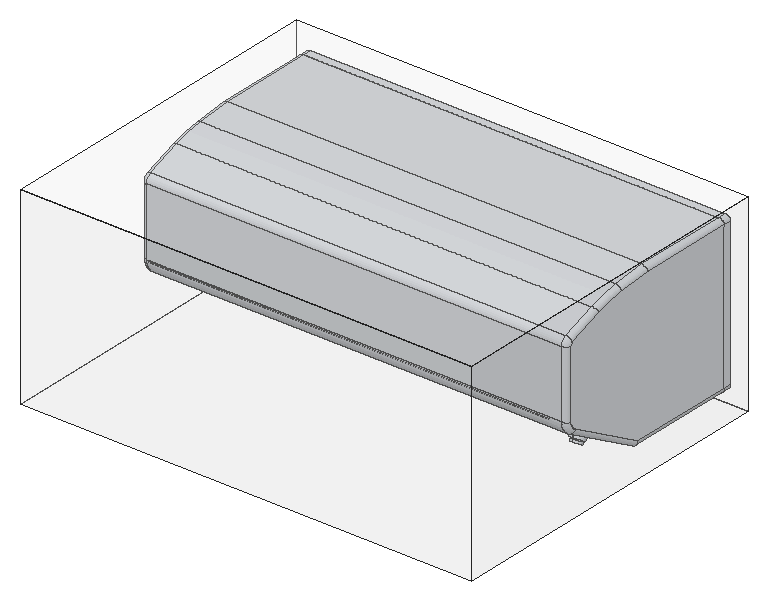
Revit family "msz-hxv25_8023sin", category 機械設備, Revit 2019
Family settings
  丸型コネクタ寸法 = 直径を使用
  種別 = なし
  パーツ タイプ = 標準
  OmniClass 番号 = 23.75.10.24.21.27.27
  OmniClass タイトル = Split System Air Conditioning Units
  作業面ベース = いいえ
  常に垂直 = はい
  ロード時にボイドで切り取り = いいえ
  共有 = いいえ
  部屋計算ポイント = はい
Parameters (values of type "MSZ-HXV2523-W-IN")
  運転音(静冷房)  db = 34
  運転音(静暖房)  db = 39
  運転音(強暖房)  db = 62
  運転音(強冷房)  db = 61
  運転音(弱暖房)  db = 45
  運転音(弱冷房)  db = 46
  運転音(中暖房)  db = 50
  運転音(中冷房)  db = 51
  風量 = MAX風量  # 780.0 m³/h
  音響パワーレベル(dB) = 61
  音響パワーレベル (弱) (dB) = 34
  電源種別 = ""
  電圧_電気ヒーター = 0 V
  電圧 = 100 V
  電動機出力_送風機 = 28 W
  運転質量 = 0.00 kg
  運転方法 = "冷暖切替"
  連動 = ""
  質量 = if(製品質量 > 運転質量, 製品質量, 運転質量) * 1.2  # 20.40 kg
  負荷分類 = 1_熱源類
  設計暖房能力 [instance] = 0 kW
  設計冷房能力_顕熱 [instance] = 0 kW
  設計冷房能力 [instance] = 0 kW
  設置方法 = "壁掛形"
  記号 [instance] = ""
  製造元 = "三菱電機株式会社"
  製品質量 = 17.00 kg
  製品出荷対象 = "国内"
  製品リリース年月 = ""
  製品グループ = ""
  系統 [instance] = ""
  符号 = "PAC"
  積算_科目 = "1 空気調和設備"
  積算_拾い区分 [instance] = ""
  相_電気ヒーター = 1
  相 = 1
  盤記号 [instance] = ""
  発停方法 = "付属スイッチ"
  特殊仕様 [instance] = ""
  火災停止 = ""
  消費電力_電気ヒーター = 0 W
  消費電力_暖房 = 590 W
  消費電力_冷房 = 500 W
  消費電力 = if(消費電力_冷房 > 消費電力_暖房, 消費電力_冷房, 消費電力_暖房)  # 590 W
  法定耐用年数 = "6"
  極数 = 1
  材質 [instance] = ""
  本体マテリアル = none
  有効加湿量 = 0
  最大電流値 = 0 A
  暖房能力 = 3.2 kW
  暖房 風量 = 780.0 m³/h
  推奨ブレーカー容量 = 0 A
  形式_加湿器 = ""
  形式 = "壁掛 (露出)形"
  幹線記号 = ""
  室内機 = 室内機 : MSZ-HXV2522-W-IN
  始動方式 = "直入"
  呼称 = "パッケージ形空気調和機_室内機"
  周波数 = 50 Hz
  台数_手元リモコン = ""
  台数_冷媒分岐ユニット [instance] = ""
  参照している仕様書等のバージョン = "公共建築工事標準仕様書（機械設備工事編）平成31年度版"
  加湿給水管径 = 0 mm
  分類コード = "50053003123070"
  分類グループ = ""
  冷房能力 = 2.5 kW
  冷房 風量 = 665.0 m³/h
  冷媒高低圧ガス管径 = 0 mm
  冷媒管長 [instance] = 0 mm
  冷媒管径符号 = "Ab"
  冷媒管径 = 100 mm
  冷媒液管径 = 6.35 mm
  冷媒ガス管径 = 9.52 mm
  価格 = 0
  企業コード = "108420"
  付属品 [instance] = ""
  仕様書バージョン = "Version1.0"
  モデル = "MSZ-HXV25**-*-IN"
  ドレン管径 = 16 mm
  サービススペース = yes
  コメント [instance] = ""
  Width = 799 mm
  Version = ""
  Uniclass2015Version = "Systems v1.9"
  Uniclass2015Title = "Split coil remote air cooled condensing units"
  Uniclass2015Code = "Pr_70_65_03_84"
  URL = "https://www.mitsubishielectric.co.jp/ldg/wink/"
  S寸法 = 0 mm
  SpecificationReference = ""
  SpecificationDescription = ""
  Revision = ""
  ProductInformation = ""
  OmniClassCode = "23-33 17 13 11"
  MAX風量 = if(冷房 風量 > 暖房 風量, 冷房 風量, 暖房 風量)  # 780.0 m³/h
  IfcTypeProduct = ""
  IfcProduct = ""
  IfcExportType = "AIRCONDITIONINGUNIT"
  IfcExportAs = "IfcUnitaryEquipmentType"
  Height = 295 mm
  Depth = 385 mm
  Clearance Top = 39 mm
  Clearance Right = 30 mm
  Clearance Left = 20 mm
  Clearance Front = 260 mm
  Clearance Bottom = 28 mm
  Clearance Back = 0 mm
  COP = 0
  Author = "三菱電機株式会社"
  APF = 0
Types (7, lengths in mm): name | 運転音(静冷房)  db | 運転音(静暖房)  db | 運転音(強暖房)  db | 運転音(強冷房)  db | 運転音(弱暖房)  db | 運転音(弱冷房)  db | 運転音(中暖房)  db | 運転音(中冷房)  db | 風量 | 音響パワーレベル(dB) | 音響パワーレベル (弱) (dB) | 電圧 | 電動機出力_送風機 | 質量 | 製品質量 | 発停方法 | 消費電力_暖房 | 消費電力_冷房 | 消費電力 | 暖房能力 | 暖房 風量 | 室内機 | 分類コード | 冷房能力 | 冷房 風量 | 冷媒管径符号 | 冷媒ガス管径 | モデル | MAX風量
  MSZ-HXV2523-W-IN | 34 | 39 | 62 | 61 | 45 | 46 | 50 | 51 | 780.0 m³/h | 61 | 34 | 100 V | 28 W | 20.40 kg | 17.00 kg | "付属スイッチ" | 590 W | 500 W | 590 W | 3.2 kW | 780.0 m³/h | 室内機 : MSZ-HXV2522-W-IN | "50053003123070" | 2.5 kW | 665.0 m³/h | "Ab" | 9.52 | "MSZ-HXV25**-*-IN" | 780.0 m³/h
  MSZ-HXV2823S-W-IN | 34 | 39 | 66 | 63 | 46 | 48 | 52 | 53 | 810.0 m³/h | 63 | 34 | 200 V | 40 W | 20.40 kg | 17.00 kg | "付属スイッチ" | 770 W | 580 W | 770 W | 4 kW | 810.0 m³/h | 室内機 : MSZ-HXV2822S-W-IN | "50053003123070" | 2.8 kW | 665.0 m³/h | "Ab" | 9.52 | "MSZ-HXV28**S-*-IN" | 810.0 m³/h
  MSZ-HXV4023S-W-IN | 40 | 44 | 69 | 67 | 50 | 50 | 55 | 55 | 930.0 m³/h | 67 | 40 | 200 V | 40 W | 22.80 kg | 19.00 kg | "付属スイッチ" | 1430 W | 960 W | 1430 W | 6 kW | 930.0 m³/h | 室内機 : MSZ-HXV4022S-W-IN | "50053003123070" | 4 kW | 730.0 m³/h | "Ab" | 9.52 | "MSZ-HXV40**S-*-IN" | 930.0 m³/h
  MSZ-HXV5623S-W-IN | 44 | 46 | 71 | 68 | 51 | 51 | 56 | 56 | 940.0 m³/h | 68 | 44 | 200 V | 40 W | 22.80 kg | 19.00 kg | "付属スイッチ" | 1700 W | 1720 W | 1720 W | 6.7 kW | 940.0 m³/h | 室内機 : MSZ-HXV5622S-W-IN | "50053003123070" | 5.6 kW | 805.0 m³/h | "Ab" | 9.52 | "MSZ-HXV56**S-*-IN" | 940.0 m³/h
  MSZ-HXV6323S-W-IN | 44 | 47 | 71 | 69 | 52 | 52 | 57 | 57 | 960.0 m³/h | 69 | 44 | 200 V | 40 W | 22.80 kg | 19.00 kg | "付属スイッチ" | 1900 W | 2200 W | 2200 W | 7.1 kW | 960.0 m³/h | 室内機 : MSZ-HXV6322S-W-IN | "50053003123070" | 6.3 kW | 860.0 m³/h | "Ac" | 12.7 | "MSZ-HXV63**S-*-IN" | 960.0 m³/h
  MSZ-HXV7123S-W-IN | 44 | 47 | 72 | 70 | 52 | 52 | 57 | 57 | 1045.0 m³/h | 70 | 44 | 200 V | 40 W | 22.80 kg | 19.00 kg | "付属スイッチ\r\n付属スイッチ" | 2350 W | 2500 W | 2500 W | 8.5 kW | 1045.0 m³/h | 室内機 : MSZ-HXV7122S-W-IN | "50053003123070 \r\n50053003123070 \r\n50053003123070 \r\n50053003123070" | 7.1 kW | 960.0 m³/h | "Ac" | 12.7 | "MSZ-HXV71**S-*-IN" | 1045.0 m³/h
  MSZ-HXV8023S-W-IN | 44 | 47 | 72 | 72 | 52 | 52 | 57 | 57 | 1045.0 m³/h | 72 | 44 | 200 V | 46 W | 22.80 kg | 19.00 kg | "付属スイッチ" | 2680 W | 2920 W | 2920 W | 9.5 kW | 1045.0 m³/h | 室内機 : MSZ-HXV8022S-W-IN | "50053003123070" | 8 kW | 960.0 m³/h | "Ac" | 12.7 | "MSZ-HXV80**S-*-IN" | 1045.0 m³/h
Reference planes
  plane 1 "中心(正面/背面)": y = 0
  plane 2: z = 0
  plane 3 "中心(左/右)": x = 0
  plane 4: y = -650
  plane 5: x = -399.5
  plane 6: x = 399.5
  plane 7: x = 429.5
  plane 8: z = -0.01
  plane 9: z = 38.99
  plane 10: x = -419.5
  plane 11: y = 0
  plane 12: z = -253.01
  plane 13: x = -352.5
  plane 14: z = -323.01
  plane 15: y = -195
  plane 16: y = -390
  plane 17: z = -254.01
  plane 18: x = 352.5
  plane 19: z = -295.01
  plane 20: z = -284.01
  plane 21: z = -273.01
  plane 22: y = -5
  plane 23: z = -285
Forms (mm)
  Extrusion 1, solid, detail levels fine
    sketch origin (-705, 0, 0) x (1, 0, 0) y (0, 0, 1)
      loop
        circle (352.5, -253.01) r 10
    from 5 to 10
  Extrusion 2, solid, detail levels fine
    sketch origin (-705, 0, -30) x (1, 0, 0) y (0, 0, 1)
      loop
        circle (352.5, -243.01) r 5
    from 5 to 10
Lines and regions (mm)
  Masking region 1, detail levels coarse+medium
    outline origin (0, 0, 0) x (1, 0, 0) y (0, 1, 0)
      loop
        line (-399.5, 0) -> (-399.5, -390) -> (399.5, -390) -> (399.5, 0) -> (-399.5, 0)
Dimensions and locks
  equal spacing: plane 5, plane 3 "中心(左/右)", plane 6
  "Clearance Right": plane 6 to plane 7
  "Clearance Front": plane 4 to plane 16
  "Clearance Top": plane 9 to plane 8
  "Width": plane 5 to plane 6
  "Clearance Left": plane 10 to plane 5
  locked: plane 5 to plane 13 at 47
  equal spacing: plane 16, plane 15, plane 1 "中心(正面/背面)"
  "Depth": plane 16 to plane 22
  "Clearance Back": plane 11 to plane 1 "中心(正面/背面)"
  locked: plane 18 to plane 6 at 47
  "Clearance Bottom": plane 19 to plane 14
  "Height": plane 8 to plane 19
  locked: plane 19 to plane 17 at 41
  locked: plane 19 to plane 12 at 42
  plane 5 to plane 10 = 20 mm
  plane 7 to plane 6 = 30 mm
  locked: plane 20 to plane 17 at 30
  locked: plane 21 to plane 12 at 20
  plane 8 to plane 19 = 295 mm
  plane 22 to plane 11 = 5 mm
  plane 4 to plane 16 = 260 mm
  plane 11 to plane 4 = 650 mm
  aligned and locked: level to plane 2
  aligned and locked: level to plane 8
  aligned and locked: plane 10 to nested 1
  aligned and locked: plane 4 to nested 1
  aligned and locked: plane 9 to nested 1
  aligned and locked: plane 14 to nested 1
  aligned and locked: plane 7 to nested 1
  aligned and locked: nested 1 to plane 11
  aligned and locked: plane 5 to Masking region 1 sketch curve
  aligned and locked: Masking region 1 sketch curve to plane 11
  aligned and locked: Masking region 1 sketch curve to plane 6
  aligned and locked: Masking region 1 sketch curve to plane 16
Automatic sketch dimensions
  plane 13 to Extrusion 2 sketch curve = 0 mm
  Extrusion 2 sketch curve to plane 21 = 0 mm
  Extrusion 1 sketch curve to plane 12 = 0 mm
  plane 13 to Extrusion 1 sketch curve = 0 mm
  radius of Extrusion 2 sketch curve = 5 mm
  radius of Extrusion 1 sketch curve = 10 mm
Nested families
  nested 1: "サービススペース" at (5, -325, -142.01), visible <- "サービススペース", type "サービススペース"
    with Width 849 mm, Height 362 mm, Depth 650 mm
  nested 2: "室内機" at (0, 0, -295.023), type <- "室内機", type "MSZ-HXV2522-W-IN", detail levels fine
Connectors
  piping at (-352.5, -5, -253.01), diameter 100, driven by "冷媒管径", driven by "冷媒管径符号"
    settings: on Extrusion 1, index 10, connector inside diameter 609.6 mm, connector length 0 mm, flow factor 0, pipe flow 0.0 L/s, pressure drop 0.0 Pa, fitting loss kfactor 0, connector angle 0.00°, fixture units 0, engagement length 0 mm, angle of deflection 0.00°, flow configuration 1, flow direction 1, fitting loss method 4, system type 7, joint type 0, gender type 0, connector reference index -1, connector utility 0, adjustable connector no, is connector primary yes, connector description "Ab"
  piping at (-352.5, -5, -273.01), diameter 16, driven by "ドレン管径"
    settings: on Extrusion 2, index 11, connector inside diameter 609.6 mm, connector length 0 mm, flow factor 0, pipe flow 0.0 L/s, pressure drop 0.0 Pa, fitting loss kfactor 0, connector angle 0.00°, fixture units 0, engagement length 0 mm, angle of deflection 0.00°, flow configuration 1, flow direction 2, fitting loss method 4, system type 16, joint type 0, gender type 0, connector reference index -1, connector utility 0, adjustable connector no, is connector primary no, connector description ""
  electrical at (0, -5, -147.523), driven by "負荷分類", driven by "電圧", driven by "消費電力"
    settings: on nested 2, index 13, voltage 100 V, apparent load 590 VA, apparent load phase1 0 VA, apparent load phase2 0 VA, apparent load phase3 0 VA, power factor 1, load classification "1_熱源類", number of poles 1, system type 30, power factor state 1, is connector primary yes, connector utility no, sub classification motor no, connector description ""
Definition of nested family "サービススペース"
  Parameters (values of type "サービススペース")
    Width [instance] = 500 mm
    Height [instance] = 500 mm
    Depth [instance] = 500 mm
  Reference planes
    plane 1 "中心(正面/背面)": y = 0
    plane 2: z = 0
    plane 3 "中心(左/右)": x = 0
    plane 4: y = -250
    plane 5: x = 250
    plane 6: y = 250
    plane 7: x = -250
    plane 8: z = 250
    plane 9: z = -250
  Forms (mm)
    Extrusion 1, solid
      sketch origin (-638.939, 0, 72.39) x (1, 0, 0) y (0, 1, 0)
        loop
          line (388.939, 250) -> (388.939, -250) -> (888.939, -250) -> (888.939, 250) -> (388.939, 250)
      from -322.39 to 177.61
  Lines and regions (mm)
    symbolic lines
      curve 1: line (-250, 0, 250) -> (250, 0, 250)
      curve 2: line (-250, 0, -250) -> (-250, 0, 250)
      curve 3: line (250, 0, -250) -> (-250, 0, -250)
      curve 4: line (250, 0, 250) -> (250, 0, -250)
      curve 5: line (0, -250, 250) -> (0, 250, 250)
      curve 6: line (0, -250, -250) -> (0, -250, 250)
      curve 7: line (0, 250, -250) -> (0, -250, -250)
      curve 8: line (0, 250, 250) -> (0, 250, -250)
      curve 9: line (-250, 250, 0) -> (250, 250, 0)
      curve 10: line (-250, -250, 0) -> (-250, 250, 0)
      curve 11: line (250, -250, 0) -> (-250, -250, 0)
      curve 12: line (250, 250, 0) -> (250, -250, 0)
  Dimensions and locks
    equal spacing: plane 7, plane 3 "中心(左/右)", plane 5
    equal spacing: plane 4, plane 1 "中心(正面/背面)", plane 6
    "Depth": plane 4 to plane 6
    "Width": plane 7 to plane 5
    equal spacing: plane 8, plane 2, plane 9
    "Height": plane 8 to plane 9
    aligned and locked: plane 9 to curve 3
    aligned and locked: plane 7 to curve 2
    aligned and locked: curve 4 to plane 5
    aligned and locked: plane 5 to Extrusion 1
    aligned and locked: Extrusion 1 to plane 7
    aligned and locked: Extrusion 1 to plane 9
    aligned and locked: plane 8 to Extrusion 1
    aligned and locked: plane 9 to curve 7
  Automatic sketch dimensions
    plane 4 to Extrusion 1 sketch curve = 0 mm
    Extrusion 1 sketch curve to plane 7 = 0 mm
    Extrusion 1 sketch curve to plane 5 = 0 mm
    plane 6 to Extrusion 1 sketch curve = 0 mm
    curve 2 to plane 8 = 0 mm
    plane 4 to curve 11 = 0 mm
    curve 11 to plane 7 = 0 mm
    curve 11 to plane 5 = 0 mm
    plane 6 to curve 10 = 0 mm
    curve 7 to plane 4 = 0 mm
    curve 7 to plane 6 = 0 mm
    curve 6 to plane 8 = 0 mm
Definition of nested family "室内機"
  Parameters (values of type "MSZ-HXV7122S-T-IN")
    Width = 799 mm
    Height = 295 mm
    Depth = 390 mm
  Types (13): name
    MSZ-HXV2522-W-IN
    MSZ-HXV2822S-W-IN
    MSZ-HXV2822S-T-IN
    MSZ-HXV4022S-W-IN
    MSZ-HXV4022S-T-IN
    MSZ-HXV5622S-W-IN
    MSZ-HXV5622S-T-IN
    MSZ-HXV6322S-W-IN
    MSZ-HXV6322S-T-IN
    MSZ-HXV7122S-W-IN
    MSZ-HXV7122S-T-IN
    MSZ-HXV8022S-T-IN
    MSZ-HXV8022S-W-IN
  Reference planes
    plane 1 "中心(正面/背面)": y = 0
    plane 2: z = 0
    plane 3 "中心(左/右)": x = 0
    plane 4: y = -5
    plane 5: x = 399.5
    plane 6: x = -399.5
    plane 7: y = -390
    plane 8: z = 295
    plane 9: x = 379.5
    plane 10: z = 42
    plane 11: z = 295
    plane 12: z = 273
    plane 13: x = 352
    plane 14: x = -352
    plane 15: x = 399
    plane 16: x = 335
    plane 17: z = 253
    plane 18: x = 225
    plane 19: x = -225
    plane 20: x = 280
    plane 21: x = 155
    plane 22: z = 263
    plane 23: z = 243
  Forms (mm)
    Extrusion 1, solid
      sketch origin (0, 0, 0) x (0, 1, 0) y (0, 0, 1)
        loop
          line (-20, 284.987) -> (-199.503, 284.987) -> (-261.595, 278.809)
          arc (-261.595, 278.809) -> (-288.705, 274.388) -> (-315.053, 266.623) r 219.987
          line (-315.053, 266.623) -> (-376.706, 244.184)
          arc (-376.706, 244.184) -> (-379.086, 242.358) -> (-379.987, 239.497) r 4.987
          line (-379.987, 239.497) -> (-379.987, 112.321)
          arc (-379.987, 112.321) -> (-377.31, 102.327) -> (-369.994, 95.011) r 19.987
          line (-369.994, 95.011) -> (-222.772, 10.013) -> (-20, 10.013) -> (-20, 284.987)
      from -399.5 to 399.5
    Sweep 2, solid
      path origin (390, 0, 0) x (0, 1, 0) y (0, 0, 1)
        loop
          line (-20, 295) -> (-200, 295) -> (-262.587, 288.772)
          arc (-262.587, 288.772) -> (-290.931, 284.15) -> (-318.478, 276.032) r 230
          line (-318.478, 276.032) -> (-380.13, 253.592)
          arc (-380.13, 253.592) -> (-387.287, 248.101) -> (-390, 239.497) r 15
          line (-390, 239.497) -> (-390, 112.321)
          arc (-390, 112.321) -> (-385.981, 97.321) -> (-375, 86.34) r 30
          line (-375, 86.34) -> (-225.455, 0) -> (-20, 0)
      profile origin (390, -110, 295) x (0, 0, -1) y (1, 0, 0)
        loop
          arc (10.013, 9.5) -> (3.113, 6.75) -> (0.013, 0) r 10
          line (0.013, 0) -> (0.013, -780)
          arc (0.013, -780) -> (3.113, -786.75) -> (10.013, -789.5) r 10
          line (10.013, -789.5) -> (10.013, 9.5)
    Extrusion 3, solid
      sketch origin (0, 0, 0) x (1, 0, 0) y (0, 0, 1)
        loop
          line (-399.5, 285) -> (-399.5, 10)
          arc (-399.5, 10) -> (-396.746, 3.108) -> (-390, 0.013) r 10
          line (-390, 0.013) -> (390, 0.013)
          arc (390, 0.013) -> (396.746, 3.108) -> (399.5, 10) r 10
          line (399.5, 10) -> (399.5, 285)
          arc (399.5, 285) -> (396.746, 291.892) -> (390, 294.987) r 10
          line (390, 294.987) -> (-390, 294.987)
          arc (-390, 294.987) -> (-396.746, 291.892) -> (-399.5, 285) r 10
      from 20 to 5
    Revolve 4, solid
      sketch origin (367, -62.632, -153.367) x (0, 0.866025, -0.5) y (0, 0.5, 0.866025)
        loop
          line (-327.015, 58.396) -> (-327.015, 44.304) -> (-320.129, 44.304) -> (-320.129, 37.722) -> (-317.129, 37.722) -> (-317.129, 42.304)
          arc (-317.129, 42.304) -> (-316.543, 43.718) -> (-315.129, 44.304) r 2
          line (-315.129, 44.304) -> (-314.129, 44.304) -> (-314.129, 58.396) -> (-327.015, 58.396)
        axis (-327.015, 37.722) -> (-327.015, 58.396)
      angle from 0 to 360
    Extrusion 5, void
      sketch origin (0, -125, 230.692) x (1, 0, 0) y (0, -0.866025, 0.5)
        loop
          line (-383, 2) -> (-8.5, 2) -> (-8.5, 52) -> (-383, 52) -> (-383, 2)
        loop
          line (-385, 54) -> (-385, 0) -> (385, 0) -> (385, 54) -> (-385, 54)
        loop
          line (383, 2) -> (383, 52) -> (-6.5, 52) -> (-6.5, 2) -> (383, 2)
      from 250 to 244.836
    Extrusion 6, solid
      sketch origin (0, 0, 0) x (1, 0, 0) y (0, 0, 1)
        loop
          line (-285, 0) -> (285, 0) -> (285, 70)
          arc (285, 70) -> (292.322, 87.678) -> (310, 95) r 25
          arc (310, 95) -> (327.678, 102.322) -> (335, 120) r 25
          line (335, 120) -> (335, 273) -> (295, 273) -> (295, 278)
          arc (295, 278) -> (293.536, 281.536) -> (290, 283) r 5
          line (290, 283) -> (270, 283)
          arc (270, 283) -> (266.464, 281.536) -> (265, 278) r 5
          line (265, 278) -> (265, 273) -> (119.535, 273) -> (70.033, 253) -> (24.949, 253) -> (10, 290) -> (0, 290) -> (-10, 290) -> (-24.949, 253) -> (-105.033, 253) -> (-154.535, 273) -> (-265, 273) -> (-265, 278)
          arc (-265, 278) -> (-266.464, 281.536) -> (-270, 283) r 5
          line (-270, 283) -> (-290, 283)
          arc (-290, 283) -> (-293.536, 281.536) -> (-295, 278) r 5
          line (-295, 278) -> (-295, 273) -> (-335, 273) -> (-335, 120)
          arc (-335, 120) -> (-327.678, 102.322) -> (-310, 95) r 25
          arc (-310, 95) -> (-292.322, 87.678) -> (-285, 70) r 25
          line (-285, 70) -> (-285, 0)
        loop
          line (230.5, 248.5) -> (230.5, 257.5)
          arc (230.5, 257.5) -> (225, 263) -> (219.5, 257.5) r 5.5
          line (219.5, 257.5) -> (219.5, 248.5)
          arc (219.5, 248.5) -> (225, 243) -> (230.5, 248.5) r 5.5
        loop
          arc (-220.5, 247.5) -> (-215, 253) -> (-220.5, 258.5) r 5.5
          line (-220.5, 258.5) -> (-229.5, 258.5)
          arc (-229.5, 258.5) -> (-235, 253) -> (-229.5, 247.5) r 5.5
          line (-229.5, 247.5) -> (-220.5, 247.5)
        loop
          line (-105, 10) -> (105, 10)
          arc (105, 10) -> (155, 60) -> (105, 110) r 50
          line (105, 110) -> (-105, 110)
          arc (-105, 110) -> (-155, 60) -> (-105, 10) r 50
        loop
          line (305, 243) -> (255, 243) -> (255, 188) -> (261.875, 188)
          arc (261.875, 188) -> (265.887, 200.215) -> (267.245, 213) r 60.879
          line (267.245, 213) -> (292.755, 213)
          arc (292.755, 213) -> (294.113, 200.215) -> (298.125, 188) r 60.879
          line (298.125, 188) -> (305, 188) -> (305, 243)
        loop
          line (-305, 243) -> (-305, 188) -> (-298.125, 188)
          arc (-298.125, 188) -> (-294.113, 200.215) -> (-292.755, 213) r 60.879
          line (-292.755, 213) -> (-267.245, 213)
          arc (-267.245, 213) -> (-265.887, 200.215) -> (-261.875, 188) r 60.879
          line (-261.875, 188) -> (-255, 188) -> (-255, 243) -> (-305, 243)
      from 0 to 5
  Cuts and joins
    Extrusion 5 cuts Extrusion 1
    Extrusion 5 cuts Sweep 2
    Extrusion 5 cuts Extrusion 3
  Lines and regions (mm)
    model lines
      curve 1: line (-349.5, -125, 294.987) -> (-349.5, -185, 294.987)
      curve 2: line (-349.5, -185, 294.987) -> (349.5, -185, 294.987)
      curve 3: line (-349.5, -135, 294.987) -> (349.5, -135, 294.987)
      curve 4: line (349.5, -125, 294.987) -> (349.5, -185, 294.987)
      curve 5: line (-249.643, -125, 294.987) -> (-249.643, -185, 294.987)
      curve 6: line (-149.786, -125, 294.987) -> (-149.786, -185, 294.987)
      curve 7: line (-49.929, -125, 294.987) -> (-49.929, -185, 294.987)
      curve 8: line (49.929, -125, 294.987) -> (49.929, -185, 294.987)
      curve 9: line (149.786, -125, 294.987) -> (149.786, -185, 294.987)
      curve 10: line (249.643, -125, 294.987) -> (249.643, -185, 294.987)
      curve 11: line (-349.5, -155, 294.987) -> (349.5, -155, 294.987)
      curve 12: line (-349.5, -175, 294.987) -> (349.5, -175, 294.987)
      curve 13: line (-349.5, -165, 294.987) -> (349.5, -165, 294.987)
      curve 14: line (-349.5, -145, 294.987) -> (349.5, -145, 294.987)
      curve 15: line (-349.5, -125, 294.987) -> (349.5, -125, 294.987)
      curve 16: line (-349.5, -50, 294.987) -> (-349.5, -110, 294.987)
      curve 17: line (-349.5, -110, 294.987) -> (349.5, -110, 294.987)
      curve 18: line (-349.5, -60, 294.987) -> (349.5, -60, 294.987)
      curve 19: line (349.5, -50, 294.987) -> (349.5, -110, 294.987)
      curve 20: line (-249.643, -50, 294.987) -> (-249.643, -110, 294.987)
      curve 21: line (-149.786, -50, 294.987) -> (-149.786, -110, 294.987)
      curve 22: line (-49.929, -50, 294.987) -> (-49.929, -110, 294.987)
      curve 23: line (49.929, -50, 294.987) -> (49.929, -110, 294.987)
      curve 24: line (149.786, -50, 294.987) -> (149.786, -110, 294.987)
      curve 25: line (249.643, -50, 294.987) -> (249.643, -110, 294.987)
      curve 26: line (-349.5, -80, 294.987) -> (349.5, -80, 294.987)
      curve 27: line (-349.5, -100, 294.987) -> (349.5, -100, 294.987)
      curve 28: line (-349.5, -90, 294.987) -> (349.5, -90, 294.987)
      curve 29: line (-349.5, -70, 294.987) -> (349.5, -70, 294.987)
      curve 30: line (-349.5, -50, 294.987) -> (349.5, -50, 294.987)
  Dimensions and locks
    equal spacing: plane 6, plane 3 "中心(左/右)", plane 5
    "Width": plane 6 to plane 5
    plane 7 to plane 4 to plane 1 "中心(正面/背面)" = 385 mm, 5 mm
    "Depth": plane 7 to plane 1 "中心(正面/背面)"
    "Height": plane 8 to level
    plane 6 to curve 1 = 50 mm
    plane 11 to plane 10 = 253 mm
    plane 11 to plane 12 = 22 mm
    plane 16 to plane 15 = 64 mm
    plane 15 to plane 13 = 47 mm
    plane 17 to plane 10 = 211 mm
    plane 12 to plane 10 = 231 mm
    plane 17 to Extrusion 6 sketch curve = 65 mm
    plane 22 to plane 23 = 20 mm
    aligned and locked: level to plane 2
    aligned and locked: Extrusion 3 to Extrusion 1
    aligned and locked: Extrusion 6 to plane 1 "中心(正面/背面)"
    aligned and locked: plane 4 to Extrusion 6
  Automatic sketch dimensions
    Extrusion 3 sketch curve to plane 6 = 0 mm
    Extrusion 3 sketch curve to plane 5 = 0 mm
    Extrusion 3 sketch curve to plane 8 = 0.013 mm
    plane 6 to Extrusion 3 sketch curve = 9.5 mm  (x2)
    level to Extrusion 3 sketch curve = 0.013 mm
    level to Extrusion 3 sketch curve = 10 mm
    Extrusion 3 sketch curve to Extrusion 3 sketch curve = 0.5 mm
    Extrusion 3 sketch curve to plane 5 = 10 mm  (x2)
    Extrusion 3 sketch curve to plane 5 = 9.5 mm  (x2)
    level to Revolve 4 sketch curve = 60.713 mm
    Revolve 4 sketch curve to plane 7 = 73.363 mm
    Revolve 4 sketch curve to Revolve 4 sketch curve = 6.886 mm
    Revolve 4 sketch curve to Revolve 4 sketch curve = 3 mm
    Revolve 4 sketch curve to Revolve 4 sketch curve = 2 mm
    Revolve 4 sketch curve to Revolve 4 sketch curve = 12.886 mm
    Revolve 4 sketch curve to Revolve 4 sketch curve = 14.091 mm
    Revolve 4 sketch curve to Revolve 4 sketch curve = 0 mm  (x2)
    Revolve 4 sketch curve to Revolve 4 sketch curve = 4.583 mm
    Revolve 4 sketch curve to Revolve 4 sketch curve = 6.134 mm
    Revolve 4 sketch curve to Revolve 4 sketch curve = 3.815 mm
    plane 6 to Extrusion 5 sketch curve = 14.5 mm
    Extrusion 5 sketch curve to Extrusion 5 sketch curve = 2 mm  (x5)
    Extrusion 5 sketch curve to plane 3 "中心(左/右)" = 8.5 mm
    plane 9 to Extrusion 5 sketch curve = 3.5 mm
    Extrusion 5 sketch curve to Extrusion 5 sketch curve = 0 mm
    Extrusion 5 sketch curve to Extrusion 5 sketch curve = 50 mm  (x2)
    curve 1 to curve 1 = 60 mm  (x2)
    Extrusion 1 sketch curve to plane 7 = 10.013 mm
    Extrusion 1 sketch curve to Extrusion 1 sketch curve = 3.282 mm
    Extrusion 1 sketch curve to Extrusion 1 sketch curve = 1.706 mm
    Extrusion 1 sketch curve to Extrusion 1 sketch curve = 9.994 mm  (x2)
    Extrusion 1 sketch curve to plane 8 = 28.377 mm
    Extrusion 1 sketch curve to Extrusion 1 sketch curve = 61.652 mm
    Extrusion 1 sketch curve to plane 8 = 16.191 mm
    Extrusion 1 sketch curve to Extrusion 1 sketch curve = 53.458 mm
    level to Extrusion 1 sketch curve = 59.903 mm
    level to Extrusion 1 sketch curve = 10.013 mm
    Extrusion 1 sketch curve to Extrusion 1 sketch curve = 17.041 mm
    Extrusion 1 sketch curve to plane 8 = 10.013 mm
    Extrusion 1 sketch curve to Extrusion 1 sketch curve = 62.092 mm
    plane 4 to Extrusion 1 sketch curve = 15 mm
    level to Extrusion 1 sketch curve = 95.011 mm
    Extrusion 1 sketch curve to plane 8 = 55.503 mm
    Sweep 2 sketch curve to plane 7 = 0 mm
    Sweep 2 sketch curve to level = 0 mm
    Sweep 2 sketch curve to plane 8 = 0 mm
    Sweep 2 sketch curve to plane 7 = 9.87 mm
    Sweep 2 sketch curve to plane 7 = 15 mm  (x2)
    Sweep 2 sketch curve to plane 7 = 30 mm
    Sweep 2 sketch curve to plane 8 = 18.968 mm
    Sweep 2 sketch curve to Sweep 2 sketch curve = 61.652 mm
    Sweep 2 sketch curve to plane 8 = 6.228 mm
    Sweep 2 sketch curve to Sweep 2 sketch curve = 55.891 mm
    level to Sweep 2 sketch curve = 59.903 mm
    Sweep 2 sketch curve to Sweep 2 sketch curve = 14.358 mm
    Sweep 2 sketch curve to Sweep 2 sketch curve = 62.587 mm
    level to Sweep 2 sketch curve = 86.34 mm
    Sweep 2 sketch curve to plane 8 = 55.503 mm
    plane 4 to Sweep 2 sketch curve = 15 mm  (x2)
    Sweep 2 sketch curve to profile plane = 0 mm
    Sweep 2 sketch curve to profile plane = 0.013 mm
    Sweep 2 sketch curve to profile plane = 10 mm  (x2)
    Sweep 2 sketch curve to profile plane = 0.5 mm
    profile plane to Sweep 2 sketch curve = 9.5 mm
    Sweep 2 sketch curve to Sweep 2 sketch curve = 779 mm
    Sweep 2 sketch curve to Sweep 2 sketch curve = 0.5 mm
    Sweep 2 to curve 30 = 30 mm
    curve 2 to Sweep 2 = 14.999 mm
    Sweep 2 to curve 2 = 40.5 mm
    curve 30 to curve 18 = 10 mm
    curve 18 to curve 29 = 10 mm
    curve 29 to curve 26 = 10 mm
    curve 26 to curve 28 = 10 mm
    curve 28 to curve 27 = 10 mm
    curve 27 to curve 15 = 25 mm
    curve 17 to curve 15 = 15 mm
    curve 17 to curve 3 = 25 mm
    curve 3 to curve 14 = 10 mm
    curve 14 to curve 11 = 10 mm
    curve 11 to curve 13 = 10 mm
    curve 12 to curve 2 = 10 mm
    Sweep 2 to curve 30 = 40.5 mm
    Sweep 2 to curve 3 = 40.5 mm
    curve 29 to curve 30 = 0 mm
    curve 11 to curve 3 = 0 mm
    curve 28 to curve 29 = 0 mm
    curve 12 to curve 2 = 0 mm
    curve 27 to curve 28 = 0 mm
    curve 13 to curve 11 = 0 mm
    curve 26 to curve 28 = 0 mm
    curve 14 to curve 3 = 0 mm
    curve 18 to curve 29 = 0 mm
    curve 15 to curve 27 = 0 mm
    curve 17 to curve 15 = 0 mm  (x2)
    Sweep 2 to curve 15 = 40.5 mm
    curve 14 to curve 17 = 0 mm
    Sweep 2 to curve 18 = 40.5 mm
    curve 13 to curve 14 = 0 mm
    curve 26 to curve 18 = 0 mm
    curve 12 to curve 13 = 0 mm
    curve 27 to curve 15 = 0 mm
    curve 11 to curve 13 = 0 mm
    curve 28 to curve 26 = 0 mm
    curve 3 to curve 17 = 0 mm
    curve 29 to curve 18 = 0 mm
    curve 2 to curve 12 = 0 mm
    curve 30 to curve 18 = 0 mm
    curve 19 to plane 9 = 30 mm
    plane 4 to curve 16 = 45 mm
    curve 4 to curve 19 = 0 mm
    curve 19 to curve 25 = 99.857 mm
    curve 10 to curve 25 = 0 mm
    plane 4 to curve 24 = 45 mm
    curve 25 to curve 24 = 99.857 mm
    curve 9 to curve 24 = 0 mm
    plane 3 "中心(左/右)" to curve 8 = 49.929 mm
    plane 3 "中心(左/右)" to curve 23 = 49.929 mm
    curve 7 to plane 3 "中心(左/右)" = 49.929 mm
    curve 22 to plane 3 "中心(左/右)" = 49.929 mm
    curve 7 to curve 6 = 99.857 mm
    curve 21 to curve 6 = 0 mm
    plane 4 to curve 20 = 45 mm
    curve 21 to curve 20 = 99.857 mm
    curve 5 to curve 20 = 0 mm
    plane 6 to curve 16 = 50 mm
    plane 6 to curve 1 = 50 mm
    plane 4 to curve 25 = 45 mm
    plane 4 to curve 21 = 45 mm
    plane 4 to curve 23 = 45 mm
    plane 4 to curve 22 = 45 mm
    plane 4 to curve 19 = 45 mm
    curve 23 to curve 23 = 60 mm
    curve 20 to curve 20 = 60 mm
    curve 24 to curve 24 = 60 mm
    curve 19 to curve 19 = 60 mm
    curve 21 to curve 21 = 60 mm
    curve 22 to curve 22 = 60 mm
    curve 16 to curve 16 = 60 mm
    curve 25 to curve 25 = 60 mm
    curve 16 to curve 1 = 15 mm
    curve 25 to curve 10 = 15 mm
    curve 20 to curve 5 = 15 mm
    curve 24 to curve 9 = 15 mm
    curve 21 to curve 6 = 15 mm
    curve 23 to curve 8 = 15 mm
    curve 22 to curve 7 = 15 mm
    curve 19 to curve 4 = 15 mm
    curve 8 to curve 8 = 60 mm
    curve 5 to curve 5 = 60 mm
    curve 9 to curve 9 = 60 mm
    curve 4 to curve 4 = 60 mm
    curve 6 to curve 6 = 60 mm
    curve 7 to curve 7 = 60 mm
    curve 10 to curve 10 = 60 mm
    Extrusion 6 sketch curve to plane 12 = 0 mm  (x4)
    Extrusion 6 sketch curve to plane 23 = 0 mm  (x2)
    Extrusion 6 sketch curve to level = 0 mm
    Extrusion 6 sketch curve to plane 17 = 0 mm  (x3)
    Extrusion 6 sketch curve to plane 3 "中心(左/右)" = 0 mm
    Extrusion 6 sketch curve to plane 18 = 0 mm
    plane 16 to Extrusion 6 sketch curve = 0 mm
    Extrusion 6 sketch curve to plane 14 = 1.635 mm
    plane 14 to Extrusion 6 sketch curve = 17 mm
    Extrusion 6 sketch curve to Extrusion 6 sketch curve = 25 mm  (x3)
    Extrusion 6 sketch curve to Extrusion 6 sketch curve = 30 mm
    Extrusion 6 sketch curve to Extrusion 6 sketch curve = 6.875 mm  (x3)
    plane 12 to Extrusion 6 sketch curve = 5 mm  (x3)
    Extrusion 6 sketch curve to Extrusion 6 sketch curve = 10 mm
    Extrusion 6 sketch curve to Extrusion 6 sketch curve = 5.37 mm  (x3)
    Extrusion 6 sketch curve to Extrusion 6 sketch curve = 5 mm  (x3)
    plane 19 to Extrusion 6 sketch curve = 60 mm
    Extrusion 6 sketch curve to Extrusion 6 sketch curve = 20 mm
    Extrusion 6 sketch curve to Extrusion 6 sketch curve = 25.51 mm
    plane 19 to Extrusion 6 sketch curve = 30 mm
    plane 19 to Extrusion 6 sketch curve = 4.5 mm
    Extrusion 6 sketch curve to plane 19 = 4.5 mm
    Extrusion 6 sketch curve to plane 19 = 18.635 mm
    Extrusion 6 sketch curve to Extrusion 6 sketch curve = 65.965 mm
    Extrusion 6 sketch curve to Extrusion 6 sketch curve = 49.502 mm
    plane 10 to Extrusion 6 sketch curve = 18 mm
    Extrusion 6 sketch curve to plane 3 "中心(左/右)" = 105 mm
    Extrusion 6 sketch curve to plane 3 "中心(左/右)" = 24.949 mm
    Extrusion 6 sketch curve to plane 3 "中心(左/右)" = 10 mm
    plane 3 "中心(左/右)" to Extrusion 6 sketch curve = 10 mm
    plane 3 "中心(左/右)" to Extrusion 6 sketch curve = 24.949 mm
    Extrusion 6 sketch curve to Extrusion 6 sketch curve = 45.084 mm
    Extrusion 6 sketch curve to plane 21 = 50 mm
    Extrusion 6 sketch curve to plane 21 = 35.465 mm
    Extrusion 6 sketch curve to plane 18 = 18.635 mm
    plane 20 to Extrusion 6 sketch curve = 25 mm
    plane 20 to Extrusion 6 sketch curve = 15 mm
    plane 20 to Extrusion 6 sketch curve = 12.755 mm
    Extrusion 6 sketch curve to plane 20 = 5 mm
    Extrusion 6 sketch curve to plane 20 = 10 mm
    Extrusion 6 sketch curve to plane 20 = 12.755 mm
    plane 16 to Extrusion 6 sketch curve = 25 mm
    plane 13 to Extrusion 6 sketch curve = 1.635 mm
    level to Extrusion 6 sketch curve = 10 mm
    plane 10 to Extrusion 6 sketch curve = 28 mm  (x2)
    Extrusion 6 sketch curve to plane 23 = 55 mm
    plane 23 to Extrusion 6 sketch curve = 4.5 mm
    Extrusion 6 sketch curve to plane 17 = 4.5 mm
    plane 17 to Extrusion 6 sketch curve = 4.5 mm
    Extrusion 6 sketch curve to plane 8 = 5 mm
    Extrusion 6 sketch curve to plane 18 = 5.5 mm
